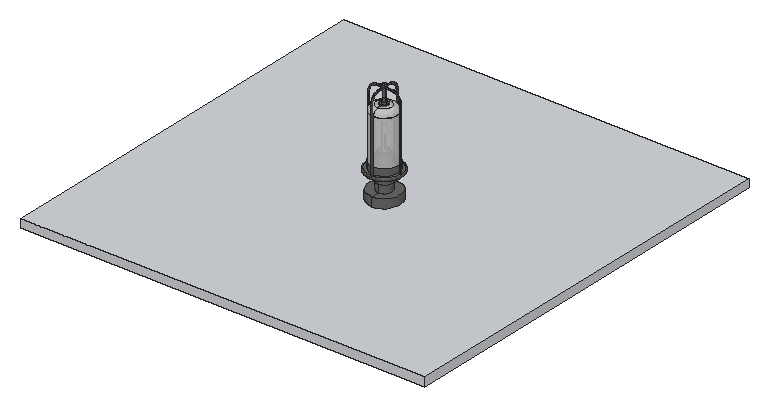
Revit family "P540292-031", category Lighting Fixtures, host Face, Revit 2021
Family settings
  Host = Face
  Round Connector Dimension = Use Diameter
  Part Type = Normal
  OmniClass Number = 23.80.70.11.14.17
  OmniClass Title = Direct/Indirect
  Cut with Voids When Loaded = No
  Light Source = Yes
  Shared = Yes
  Room Calculation Point = No
Parameters (values of type "P540292-031")
  Watts = 60 W
  Wattage Comments = "60W"
  Wattage = 60 W
  Warranty = "1 year Warranty"  # constant formula
  built-in parameter 1150110 = 1 (stored number, unit not read)
  Voltage = 120 V
  URL = "https://www.hubbell.com/progresslighting/en"
  built-in parameter 1114217 = 1 (stored number, unit not read)
  Tilt Angle = 60.00°
  built-in parameter 1150109 = 1 (stored number, unit not read)
  built-in parameter 1150134 = 3
  built-in parameter 1150113 = 1 (stored number, unit not read)
  Product Link = "https://www.hubbell.com/progresslighting/en/Products/Lighting-Controls/Residential-Outdoor-Lighting/Post-Lanterns-Poles/Lanterns/Watch-Hill-Collection-One-Light-Textured-Black-and-Clear-Seeded-Glass-Farmhouse-Style-Outdoor-Post-Lantern/p/6643634"
  Product Documentation Link = "https://hubbellcdn.com/specsheet/PROG_P540292-031_spec.pdf"
  Power Factor = 1
  Photometric Web File = "generic"
  built-in parameter 1150142 = (empty or 0)
  Model = "P540292-031"  # constant formula
  Manufacturer = "Progress Lighting"  # constant formula
  built-in parameter 1150105 = 477.46 (stored number, unit not read)
  Lumens = 6000 lm
  built-in parameter 1150115 = 1 (stored number, unit not read)
  Load Classification = Lighting
  built-in parameter 1150137 = (empty or 0)
  built-in parameter 1150139 = (empty or 0)
  built-in parameter 1150112 = 1 (stored number, unit not read)
  built-in parameter 1150114 = 1 (stored number, unit not read)
  built-in parameter 1150132 = (empty or 0)
  built-in parameter 1150102 = (empty or 0)
  built-in parameter 1150107 = 3200 (stored number, unit not read)
  built-in parameter 1150138 = (empty or 0)
  built-in parameter 1150106 = 4.7746 (stored number, unit not read)
  Gold = Hubbell - Gold
  Glass = Paint - Hubbell - White Texture
  Lamp = "LED/CFL/incandescent"  # constant formula
  Housing Material = Paint - Hubbell - Textured Camera Black
  Fixture distribution = "Direct"  # constant formula
  Features = "Incorporate a timeless style inspired by Victorian-era gaslight fittings with the Watch Hill Collection 1-Light Textured Black Clear Seeded Glass Farmhouse Outdoor Post Lantern Light. The elongated design highlighted by gracefully curving slender arms is coated in a classic textured black finish. The frame cradles a seeded glass shade that complements a variety of home styles.\r\nApplication: Incorporate a timeless style inspired by Victorian-era gaslight fittings with the Watch Hill Collection 1-Light Textured Black Clear Seeded Glass Farmhouse Outdoor Post Lantern Light ideal for any yard, lawn, pathway, garden, or driveway\r\nStyles: Perfect for transitional and farmhouse style settings\r\nFinish: The elongated design highlighted by gracefully curving slender arms is coated in a classic textured black finish\r\nMaterials: Constructed from aluminum to ensure a long product lifespan\r\nGlass/Shades: The frame cradles a seeded glass shade that complements a variety of home styles\r\nBulbs: For ideal illumination, use 1 medium base bulb that is sold separately (60w max - LED/CFL/incandescent)\r\ncompatible with dimmable bulbs\r\nDimensions: Measures 8-1/8-inch diameter by 18-1/4-inch height\r\nfits 3-inch post (sold separately)\r\nCertifications: cCSAus wet location listed\r\nPairs With: Pairs with a variety of Progress Lighting fixtures\r\nWarranty: Our 1-Year Limited Warranty guarantees your complete satisfaction with your purchase and includes professional after-sales customer service support"  # constant formula
  built-in parameter 1150104 = 9.2903 (stored number, unit not read)
  Dimming Lamp Color Temperature Shift = <None>
  Description = "Watch Hill Collection One-Light Textured Black and Clear Seeded Glass Farmhouse Style Outdoor Post Lantern"  # constant formula
  Default Elevation = 48.00"
  Copyright = " ©2021 Progress Lighting, a division of Hubbell Lighting, Inc"  # constant formula
  Contact = "https://www.hubbell.com/progresslighting/en/contactUs"
  Connector Description = "Lighting Connector"  # constant formula
  Color Filter = 16777215
  built-in parameter 1114218 = 1 (stored number, unit not read)
  built-in parameter 1150133 = 10 (stored number, unit not read)
  Assembly Code = "D5020200"
  Apparent Load = Watts / Power Factor  # 60 VA
Reference planes (in)
  plane 1 "Center (Front/Back)": y = 0
  plane 2: z = 0
  plane 3 "Center (Left/Right)": x = 0
  plane 4: z = 10.50759
  plane 5: z = 6.0561
  plane 6: x = -2.375
  plane 7: x = 2.375
  plane 8: y = 3.75
  plane 9: y = -3.75
  plane 10: x = -3.75
  plane 11: x = 3.75
  plane 12: y = -3.74569
  plane 13: y = 3.75431
  plane 14: z = 24.3061
Forms (in)
  Extrusion 1, solid
    sketch origin (0, 0, 0) x (1, 0, 0) y (0, 1, 0)
      loop
        line (-48, 48) -> (-48, -48) -> (48, -48) -> (48, 48) -> (-48, 48)
    from 0 to -2
  Revolve 2, solid, material "Paint - Hubbell - White Texture" <- "Glass"
    sketch origin (0, 5.95351, 21.44318) x (0, 0, 1) y (0, -1, 0)
      loop
        line (-1.43708, 5.94919) -> (-1.43708, 7.7561)
        arc (-1.43708, 7.7561) -> (-1.81784, 8.67534) -> (-2.73708, 9.0561) r 1.3
        line (-2.73708, 9.0561) -> (-15, 9.0561) -> (-15, 8.92388) -> (-2.8142, 8.92388)
        arc (-2.8142, 8.92388) -> (-1.93032, 8.55776) -> (-1.5642, 7.67388) r 1.25
        line (-1.5642, 7.67388) -> (-1.5642, 5.94919) -> (-1.43708, 5.94919)
      axis (-15, 5.94919) -> (-1.43708, 5.94919)
    angle from 0 to 360
  Sweep 3, solid, material "Paint - Hubbell - Textured Camera Black" <- "Housing Material"
    path origin (0, 6.70351, 21.19318) x (0, 0, 1) y (0, -1, 0)
      loop
        line (2.5, 6.5561) -> (2.5, 8.44919)
        arc (2.5, 8.44919) -> (1.91421, 9.86341) -> (0.5, 10.44919) r 2
        line (0.5, 10.44919) -> (-15, 10.44919)
    profile origin (0, -0.79914, 23.69318) x (0, 0, -1) y (1, 0, 0)
      loop
        circle (0, 0) r 0.12
  Sweep 4, solid, material "Paint - Hubbell - Textured Camera Black" <- "Housing Material"
    path origin (0, -6.69488, 21.19318) x (0, 0, 1) y (0, -1, 0)
      loop
        line (2.5, -6.5561) -> (2.5, -8.44919)
        arc (2.5, -8.44919) -> (1.91421, -9.86341) -> (0.5, -10.44919) r 2
        line (0.5, -10.44919) -> (-15, -10.44919)
    profile origin (0, 0.80777, 23.69318) x (0, 0, 1) y (1, 0, 0)
      loop
        circle (0, 0) r 0.12
  Sweep 5, solid, material "Paint - Hubbell - Textured Camera Black" <- "Housing Material"
    path origin (0, 6.70351, 21.19318) x (-1, 0, 0) y (0, 0, -1)
      loop
        line (0.15, -2.5) -> (1.75, -2.5)
        arc (1.75, -2.5) -> (3.16421, -1.91421) -> (3.75, -0.5) r 2
        line (3.75, -0.5) -> (3.75, 15)
    profile origin (-0.95, 6.70351, 23.69318) x (0, 0, -1) y (0, -1, 0)
      loop
        circle (0, 6.69531) r 0.12
  Sweep 6, solid, material "Paint - Hubbell - Textured Camera Black" <- "Housing Material"
    path origin (0, 6.70351, 21.19318) x (1, 0, 0) y (0, 0, 1)
      loop
        line (0.15, 2.5) -> (1.75, 2.5)
        arc (1.75, 2.5) -> (3.16421, 1.91421) -> (3.75, 0.5) r 2
        line (3.75, 0.5) -> (3.75, -15)
    profile origin (0.95, 6.70351, 23.69318) x (0, 0, 1) y (0, -1, 0)
      loop
        circle (0, 6.69531) r 0.12
  Revolve 7, solid, material "Paint - Hubbell - Textured Camera Black" <- "Housing Material"
    sketch origin (0, 5.98476, 6.03477) x (0, 0, -1) y (0, 1, 0)
      loop
        line (6.03477, -5.98044) -> (-3.64703, -5.98044) -> (-4.22219, -5.98044) -> (-4.22219, -7.24256) -> (-3.92129, -7.24256)
        arc (-3.92129, -7.24256) -> (-3.69716, -7.33539) -> (-3.60432, -7.55953) r 0.31697
        line (-3.60432, -7.55953) -> (-3.60432, -7.69673) -> (-2.08453, -7.69673) -> (-2.08453, -9.19673) -> (-0.52487, -9.19673) -> (-0.52487, -9.96547)
        arc (-0.52487, -9.96547) -> (-0.27382, -10.21652) -> (-0.02276, -9.96547) r 0.25105
        line (-0.02276, -9.96547) -> (-0.02276, -7.97296) -> (1.97724, -7.97296) -> (1.97724, -7.69673) -> (3.97724, -7.69673) -> (3.97724, -9.73044) -> (6.03477, -9.73044) -> (6.03477, -5.98044)
      axis (6.03477, -5.98044) -> (-4.22219, -5.98044)
    angle from 0 to 360
  Revolve 8, solid
    sketch origin (0, 6.64101, 4.97227) x (0, 0, -1) y (0, 1, 0)
      loop
        line (-5.28469, -6.69919) -> (-12.00551, -6.69919)
        arc (-12.00551, -6.69919) -> (-11.75302, -7.06044) -> (-11.33469, -7.19919) r 0.7
        line (-11.33469, -7.19919) -> (-5.28469, -7.19919) -> (-5.28469, -6.69919)
      axis (-5.28469, -6.69919) -> (-12.00551, -6.69919)
    angle from 0 to 360
  Revolve 9, solid, material "Hubbell - Gold" <- "Gold"
    sketch origin (0, 6.70351, 4.97227) x (0, 0, -1) y (0, 1, 0)
      loop
        line (-5.28469, -6.69919) -> (-10.11197, -6.69919) -> (-10.11197, -6.84777) -> (-5.70902, -6.84777) -> (-5.70902, -6.94919) -> (-5.28469, -6.94919) -> (-5.28469, -6.69919)
      axis (-5.28469, -6.69919) -> (-10.11197, -6.69919)
    angle from 0 to 360
  Revolve 10, solid, material "Paint - Hubbell - Textured Camera Black" <- "Housing Material"
    sketch origin (0, 0, 0) x (1, 0, 0) y (0, 0, 1)
      loop
        line (0, 24.3061) -> (-0.5, 24.3061) -> (-0.5, 24.0561) -> (-0.25, 24.0561) -> (-0.25, 21.8061) -> (-0.25, 20.5561) -> (-0.5, 20.5561) -> (-0.5, 20.3061) -> (-1, 20.3061) -> (-1, 20.0561) -> (0, 20.0561) -> (0, 24.3061)
      axis (0, 24.3061) -> (0, 20.0561)
    angle from 0 to 360
Dimensions and locks (in)
  equal spacing: plane 9, plane 1 "Center (Front/Back)", plane 8
  plane 9 to plane 8 = 7.50"
  equal spacing: plane 6, plane 3 "Center (Left/Right)", plane 7
  plane 6 to plane 7 = 4.75"
  plane 10 to plane 11 = 7.50"
  aligned and locked: plane 2 to Extrusion 1
Automatic sketch dimensions
  Extrusion 1 sketch curve to Extrusion 1 sketch curve = 96.00"  (x2)
  level to Revolve 2 sketch curve = 6.44318"
  Revolve 2 sketch curve to plane 12 = 0.77531"
  Revolve 2 sketch curve to Revolve 2 sketch curve = 12.1858"
  Revolve 2 sketch curve to Revolve 2 sketch curve = 0.07713"
  Revolve 2 sketch curve to Revolve 2 sketch curve = 1.17287"
  Revolve 2 sketch curve to Revolve 2 sketch curve = 0.12713"
  Revolve 2 sketch curve to Revolve 2 sketch curve = 1.72469"
  Revolve 2 sketch curve to Revolve 2 sketch curve = 0.08222"
  Revolve 2 sketch curve to Revolve 2 sketch curve = 11.25"
  Revolve 2 sketch curve to plane 4 = 4.56271"
  Revolve 2 sketch curve to plane 12 = 3.75"
  Sweep 3 sketch curve to plane 12 = 0.00"
  Sweep 3 sketch curve to plane 4 = 11.18559"
  Sweep 3 sketch curve to plane 12 = 2.00"
  level to Sweep 3 sketch curve = 6.19318"
  Sweep 3 sketch curve to Sweep 3 sketch curve = 1.89309"
  Sweep 3 sketch curve to profile plane = 0.00"  (x2)
  Sweep 4 sketch curve to plane 13 = 0.00"
  Sweep 4 sketch curve to plane 4 = 11.18559"
  plane 13 to Sweep 4 sketch curve = 2.00"
  level to Sweep 4 sketch curve = 6.19318"
  Sweep 4 sketch curve to Sweep 4 sketch curve = 1.89309"
  Sweep 4 sketch curve to profile plane = 0.00"  (x2)
  Sweep 5 sketch curve to plane 10 = 0.00"
  plane 6 to Sweep 5 sketch curve = 0.625"
  Sweep 5 sketch curve to plane 4 = 13.18559"
  Sweep 5 sketch curve to plane 3 "Center (Left/Right)" = 0.15"
  level to Sweep 5 sketch curve = 6.19318"
  Sweep 5 sketch curve to profile plane = 0.00"
  profile plane to Sweep 5 sketch curve = 6.69531"
  Sweep 6 sketch curve to plane 11 = 0.00"
  Sweep 6 sketch curve to plane 7 = 0.625"
  Sweep 6 sketch curve to plane 4 = 11.18559"
  plane 3 "Center (Left/Right)" to Sweep 6 sketch curve = 0.15"
  level to Sweep 6 sketch curve = 6.19318"
  profile plane to Sweep 6 sketch curve = 0.00"
  profile plane to Sweep 6 sketch curve = 6.69531"
  Revolve 8 sketch curve to plane 4 = 6.47018"
  Revolve 8 sketch curve to Revolve 8 sketch curve = 0.67082"
  Revolve 8 sketch curve to plane 5 = 4.20085"
  Revolve 8 sketch curve to plane 12 = 3.1875"
  Revolve 8 sketch curve to Revolve 8 sketch curve = 0.50"
  Revolve 8 sketch curve to Revolve 8 sketch curve = 0.77918"
  Revolve 8 sketch curve to Revolve 8 sketch curve = 0.00"  (x2)
  Revolve 9 sketch curve to plane 4 = 4.57664"
  Revolve 9 sketch curve to plane 5 = 4.62519"
  Revolve 9 sketch curve to Revolve 9 sketch curve = 0.42433"
  Revolve 9 sketch curve to plane 12 = 3.50"
  Revolve 9 sketch curve to Revolve 9 sketch curve = 0.10143"
  Revolve 9 sketch curve to Revolve 9 sketch curve = 0.25"
  Revolve 9 sketch curve to plane 4 = 2.99936"
  Revolve 9 sketch curve to Revolve 9 sketch curve = 0.00"  (x2)
  Revolve 10 sketch curve to plane 14 = 0.00"
  Revolve 10 sketch curve to plane 3 "Center (Left/Right)" = 0.00"  (x2)
  Revolve 10 sketch curve to plane 3 "Center (Left/Right)" = 0.25"
  Revolve 10 sketch curve to Revolve 10 sketch curve = 0.25"  (x4)
  Revolve 10 sketch curve to Revolve 10 sketch curve = 0.50"
  plane 14 to Revolve 10 sketch curve = 0.25"
  Revolve 10 sketch curve to Revolve 10 sketch curve = 2.25"
  Revolve 10 sketch curve to Revolve 10 sketch curve = 1.25"
  Revolve 10 sketch curve to Revolve 10 sketch curve = 1.6122"
  Revolve 10 sketch curve to plane 14 = 1.00"
  Revolve 7 sketch curve to plane 12 = 0.00"
  Revolve 7 sketch curve to level = 0.00"
  Revolve 7 sketch curve to plane 1 "Center (Front/Back)" = 0.00431"  (x2)
  Revolve 7 sketch curve to Revolve 7 sketch curve = 2.05753"
  plane 5 to Revolve 7 sketch curve = 1.99857"
  Revolve 7 sketch curve to plane 5 = 0.00143"
  Revolve 7 sketch curve to Revolve 7 sketch curve = 0.25105"
  Revolve 7 sketch curve to plane 5 = 2.0632"
  plane 4 to Revolve 7 sketch curve = 0.86851"
  plane 4 to Revolve 7 sketch curve = 0.82579"
  Revolve 7 sketch curve to Revolve 7 sketch curve = 0.31697"
  plane 4 to Revolve 7 sketch curve = 0.25064"
  plane 9 to Revolve 7 sketch curve = 0.23072"
  Revolve 7 sketch curve to plane 12 = 0.53372"
  Revolve 7 sketch curve to Revolve 7 sketch curve = 1.22377"
  plane 1 "Center (Front/Back)" to Revolve 7 sketch curve = 1.71197"
  Revolve 7 sketch curve to Revolve 7 sketch curve = 0.27623"
  Revolve 7 sketch curve to Revolve 7 sketch curve = 0.1372"
  Revolve 7 sketch curve to plane 5 = 1.65681"
  Revolve 7 sketch curve to Revolve 7 sketch curve = 0.86888"
  radius of Sweep 3 sketch curve = 0.12"
  radius of Sweep 4 sketch curve = 0.12"
  radius of Sweep 5 sketch curve = 0.12"
  radius of Sweep 6 sketch curve = 0.12"
Connectors (in)
  electrical at (0, 0.00431, 0), driven by "Connector Description", driven by "Power Factor", driven by "Apparent Load", driven by "Voltage", driven by "Load Classification"
    settings: on Revolve 7, index 1, voltage 120 V, apparent load 60 VA, apparent load phase1 0 VA, apparent load phase2 0 VA, apparent load phase3 0 VA, power factor 1, load classification "Lighting", number of poles 1, system type 30, power factor state 1, is connector primary yes, connector utility no, sub classification motor no, connector description "Lighting Connector"
